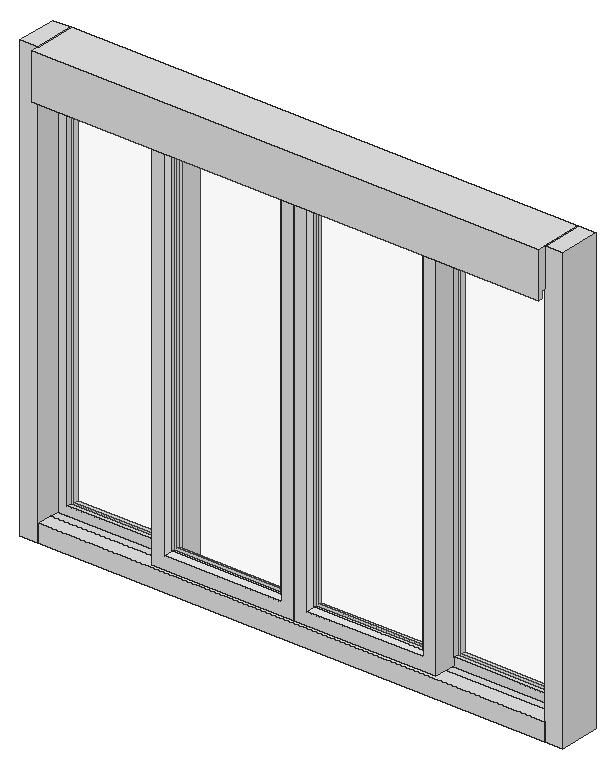
Revit family "Window_Sliding_Flush_Ready-Access_131", category Windows, host Wall, Revit 2026
Family settings
  Host = Wall
  Classification Number = 23.30.20.24.14
  Always vertical = Yes
  Cut with Voids When Loaded = No
  Shared = No
  Room Calculation Point = No
Parameters (values of type "Automatic International 18x37 Serving Area")
  Water Penetration = "as Specified"
  Warranty Duration (Years) = 0
  VLT [instance] = 0
  URL = "http://www.ready-access.com/"
  U-Factor [instance] = 0
  Test Data = ""
  Standards Conformance = "as Specified"
  SpecWizard = ""
  Service Opening Width = 1' - 6"
  Service Opening Height = 3' - 1"
  RO Spacing_Top [instance] = 0' - 0 1/4"
  RO Spacing_Sides [instance] = 0' - 0 1/4"
  RO Spacing_Bottom [instance] = 0' - 0 1/4"
  Offset from Exterior Wall [instance] = 0' - 0"
  Miami Dade Conformance = "as Specified"
  Meets Egress = "as Specified"
  Installation-Fabrication = ""
  Structural Test Pressure = "as Specified"
  Specification = "http://www.arcat.com/sdspecs/htm04/08_56_19rea.htm"
  Sound Transmission Class (STC) = 0
  Send Message = "http://www.arcat.com/users.pl?action=UserEmail&amp;company=Ready+Access+Pass+Thru+Windows&amp;coid=35105&amp;rep=111&amp;fax=630-876-7767&amp;mf=04"
  Sales Information = "http://www.ready-access.com/aboutus.html"
  SHGC [instance] = 0
  Rough Width [instance] = Width + (RO Spacing_Sides * 2)  # 4' - 6"
  Rough Height [instance] = Height + (RO Spacing_Top + RO Spacing_Bottom)  # 3' - 8 1/4"
  Product Properties = ""
  Product Data = "http://www.arcat.com/arcatcos/cos35/arc35105.html"
  Model = "131-6E"
  Manufacturer Website = "http://www.ready-access.com/"
  Manufacturer Phone - Toll Free = "800-621-5045"
  Manufacturer Phone = "630-876-7766"
  Manufacturer Fax = "630-876-7767"
  Manufacturer Address = "1815 Arthur Dr.   West Chicago, IL 60185"
  Manufacturer = "Ready Access"
  Maintenance Schedule (Months) = 0
  Keynote = "08582"
  Installation Phase = ""
  Inset from Exterior Wall [instance] = 0' - 0"
  Height = 3' - 7 3/4"
  Green Building-LEED = ""
  Glazing Type [instance] = "Tempered"
  Glazing Tint [instance] = Glass - ReadyAccess - Clear
  Glazing Configuration [instance] = "as Specified"
  Frame Thickness = 0' - 4"  # constant formula
  Frame Finish [instance] = Powdercoat - Ready Access - Clear Anodized
  Forced Entry Rating = "as Specified"
  Fixed Window Width = 1' - 2 1/2"
  Expected Lifespan (Years) = 0
  Electrical_Voltage = 220 V
  Electrical_Frequency = 60 Hz
  Electrical_Amperage = 8 A
  Drawn By = "Sumex Design, Inc. / Robert S. Weygant, CSI, CDT, SCIP"
  Description = "Ready Access Automatic Bi-Parting Sliding Service Window - 131-6E as Specified"
  Wall Closure = By host
  Width = 4' - 5 1/2"
  Copyright = "©Arcat Inc."
  Construction Details = "http://www.arcat.com/details/readyacc/prod1868.html"
  Assembly Code = "B2020100"
  Air Infiltration = "as Specified"
Types (8): name | Service Opening Height | Rough Height | Model | Height | Electrical_Voltage | Electrical_Frequency | Electrical_Amperage | Description
  Automatic International 18x37 Serving Area | 3' - 1" | 3' - 8 1/4" | "131-6E" | 3' - 7 3/4" | 220 V | 60 Hz | 8 A | "Ready Access Automatic Bi-Parting Sliding Service Window - 131-6E as Specified"
  Automatic International 18x31 Serving Area | 2' - 7" | 3' - 2 1/4" | "131E" | 3' - 1 3/4" | 220 V | 60 Hz | 8 A | "Ready Access Automatic Bi-Parting Sliding Service Window - 131E as Specified"
  Automatic Domestic 18x37 Serving Area | 3' - 1" | 3' - 8 1/4" | "131-6E" | 3' - 7 3/4" | 115 V | 60 Hz | 15 A | "Ready Access Automatic Bi-Parting Sliding Service Window - 131-6E as Specified"
  Automatic Domestic 18x31 Serving Area | 2' - 7" | 3' - 2 1/4" | "131E" | 3' - 1 3/4" | 115 V | 60 Hz | 15 A | "Ready Access Automatic Bi-Parting Sliding Service Window - 131E as Specified"
  Manual Self Closing 18x37 Serving Area | 3' - 1" | 3' - 8 1/4" | "131-6SC" | 3' - 7 3/4" | 0 V | 0 Hz | 0 A | "Ready Access Manual Self Closing Bi-Parting Sliding Service Window - 131-6Sc as Specified"
  Manual Self Closing 18x31 Serving Area | 2' - 7" | 3' - 2 1/4" | "131SC" | 3' - 1 3/4" | 0 V | 0 Hz | 0 A | "Ready Access Manual Self Closing Bi-Parting Sliding Service Window - 131SC as Specified"
  Manual 18x37 Serving Area | 3' - 1" | 3' - 8 1/4" | "131-6M" | 3' - 7 3/4" | 0 V | 0 Hz | 0 A | "Ready Access Manual Bi-Parting Sliding Service Window - 131-6M as Specified"
  Manual 18x31 Serving Area | 2' - 7" | 3' - 2 1/4" | "131M" | 3' - 1 3/4" | 0 V | 0 Hz | 0 A | "Ready Access Manual Bi-Parting Sliding Service Window - 131M as Specified"
Reference planes (in)
  plane 1 "Center (Front/Back)": y = 0.6426
  plane 2: z = 0
  plane 3 "Center (Left/Right)": x = 0.75
  plane 4 "Left": x = -26.25
  plane 5 "Right": x = 27.75
  plane 6 "RO BOTTOM": z = 23.875
  plane 7 "Top of Frame": z = 67.875
  plane 8 "Center - Elevation": z = 45.875
  plane 9 "Frame L": x = 27.5
  plane 10 "Frame R": x = -26
  plane 11: z = 24.125
  plane 12 "EXT WALL": y = 3.6426
  plane 13 "RO TOP": z = 68.125
  plane 14 "INT WALL": y = -2.3574
  plane 15: y = 3.6426
  plane 16: y = 3.6426
Lines and regions (in)
  Opening 1
    outline origin (-60, -2.3574, 0) x (1, 0, 0) y (0, 0, 1)
      loop
        line (33.75, 68.125) -> (33.75, 23.875) -> (87.75, 23.875) -> (87.75, 68.125) -> (33.75, 68.125)
Text (in)
  text "EXTERIOR" at (-9.91918, 45.39257, 0), in view "Plan View"
  text "INTERIOR" at (-9.91918, -57.25054, 0), in view "Plan View"
  text "Exterior" at (0, 43.65631, 123.19604), in view "Left"
  text "Exterior" at (0, 18.29385, 125.04747), in view "Right"
Dimensions and locks (in)
  equal spacing: plane 4 "Left", plane 3 "Center (Left/Right)", plane 5 "Right"
  "Width": plane 10 "Frame R" to plane 9 "Frame L"
  equal spacing: plane 7 "Top of Frame", plane 8 "Center - Elevation", plane 6 "RO BOTTOM"
  "RO Spacing_Sides": plane 5 "Right" to plane 9 "Frame L"
  "RO Spacing_Sides": plane 4 "Left" to plane 10 "Frame R"
  "RO Spacing_Top": plane 7 "Top of Frame" to plane 13 "RO TOP"
  "RO Spacing_Bottom": plane 6 "RO BOTTOM" to plane 11
  "Height": plane 11 to plane 7 "Top of Frame"
  "Offset from Exterior Wall": plane 12 "EXT WALL" to plane 15
  "Inset from Exterior Wall": plane 15 to plane 16
  aligned and locked: plane 6 "RO BOTTOM" to Opening 1 sketch curve  (x2)
  aligned and locked: plane 5 "Right" to Opening 1 sketch curve
  aligned and locked: plane 4 "Left" to Opening 1 sketch curve
  aligned and locked: level to plane 2
  aligned and locked: plane 1 "Center (Front/Back)" to host wall
  aligned and locked: plane 12 "EXT WALL" to host wall
  aligned and locked: Opening 1 sketch curve to plane 13 "RO TOP"
  aligned and locked: plane 14 "INT WALL" to host wall
  aligned and locked: plane 16 to nested 1
Nested families (in)
  nested 1: "Frame_131" at (0.75, 1.6426, 24.125), Width <- "Width", Height <- "Height", Fixed Window Width <- "Fixed Window Width", glass tint <- "Glazing Tint", frame finish <- "Frame Finish", type "Frame_131"
    with glass tint Glass - ReadyAccess - Clear, frame finish Powdercoat - Ready Access - Clear Anodized, Width 4' - 5 1/2", Height 3' - 7 3/4", Fixed Window Width 1' - 2 1/2"
Definition of nested family "Frame_131"
  Parameters
    glass tint [instance] = none
    frame finish [instance] = none
    Width [instance] = 4' - 5 1/2"
    Height [instance] = 3' - 0"
    Fixed Window Width [instance] = 1' - 2 1/2"
    Default Elevation = 4' - 0"
    Assembly Code = ""
  Reference planes (in)
    plane 1 "Center (Front/Back)": y = 0
    plane 2: z = 0
    plane 3 "Center (Left/Right)": x = 0
    plane 4: x = -26.75
    plane 5: x = 26.75
    plane 6: z = 36
    plane 7: x = -12.25
    plane 8: x = 12.25
    plane 9: z = 32.25
    plane 10: x = -25
    plane 11: x = 25
    plane 12: z = 32.125
    plane 13: z = 1.75
    plane 14: z = 31
    plane 15: z = 3
  Forms (in)
    Extrusion 1, solid, material <- "frame finish"
      sketch origin (0, 0, 0) x (1, 0, 0) y (0, 1, 0)
        loop
          line (-26.75, -2) -> (-25, -2) -> (-25, 2) -> (-26.75, 2) -> (-26.75, -2)
        loop
          line (26.75, -2) -> (26.75, 2) -> (25, 2) -> (25, -2) -> (26.75, -2)
      from 0 to 36
    Extrusion 2, solid, material <- "frame finish"
      sketch origin (0, 0, 0) x (1, 0, 0) y (0, 1, 0)
        loop
          line (-13.25, 2) -> (-13.25, 1.8125) -> (-14, 1.8125) -> (-14, 1.3125) -> (-13.25, 1.3125) -> (-13.25, 0.9375) -> (-14, 0.9375) -> (-14, 0.4375) -> (-13.25, 0.4375) -> (-13.25, -0.0625) -> (-12.25, -0.0625) -> (-12.25, 2) -> (-13.25, 2)
        loop
          line (13.25, 2) -> (12.25, 2) -> (12.25, -0.0625) -> (13.25, -0.0625) -> (13.25, 0.4375) -> (14, 0.4375) -> (14, 0.9375) -> (13.25, 0.9375) -> (13.25, 1.3125) -> (14, 1.3125) -> (14, 1.8125) -> (13.25, 1.8125) -> (13.25, 2)
      from 1.4375 to 32.25
    Extrusion 3, solid, material <- "frame finish"
      sketch origin (0, 0, 0) x (1, 0, 0) y (0, 1, 0)
        loop
          line (-25, 1.8125) -> (-25, 0.4375) -> (-24.125, 0.4375) -> (-24.125, 0.9375) -> (-24.875, 0.9375) -> (-24.875, 1.3125) -> (-24.125, 1.3125) -> (-24.125, 1.8125) -> (-25, 1.8125)
        loop
          line (25, 1.8125) -> (24.125, 1.8125) -> (24.125, 1.3125) -> (24.875, 1.3125) -> (24.875, 0.9375) -> (24.125, 0.9375) -> (24.125, 0.4375) -> (25, 0.4375) -> (25, 1.8125)
      from 1.4375 to 32.25
    Sweep 4, solid, material <- "frame finish"
      path origin (0, 0, 0) x (1, 0, 0) y (0, 0, 1)
        loop
          line (-14, 1.75) -> (0, 1.75) -> (0, 32.25) -> (-14, 32.25) -> (-14, 1.75)
      profile origin (-7, 0, 1.75) x (0, 0, 1) y (0, -1, 0)
        loop
          line (0, 1.6875) -> (0, 0.0625) -> (1.25, 0.0625) -> (1.625, 0.4375) -> (1.625, 0.6875) -> (1.25, 0.6875) -> (1.25, 1.0625) -> (1.625, 1.0625) -> (1.625, 1.3125) -> (1.25, 1.6875) -> (0, 1.6875)
    Sweep 5, solid, material <- "frame finish"
      path origin (0, 0, 0) x (-1, 0, 0) y (0, 0, 1)
        loop
          line (-14, 1.75) -> (0, 1.75) -> (0, 32.25) -> (-14, 32.25) -> (-14, 1.75)
      profile origin (7, 0, 1.75) x (0, 0, -1) y (0, -1, 0)
        loop
          line (0, 1.6875) -> (-1.25, 1.6875) -> (-1.625, 1.3125) -> (-1.625, 1.0625) -> (-1.25, 1.0625) -> (-1.25, 0.6875) -> (-1.625, 0.6875) -> (-1.625, 0.4375) -> (-1.25, 0.0625) -> (0, 0.0625) -> (0, 1.6875)
    Extrusion 6, solid, material <- "frame finish"
      sketch origin (-26.75, 13.45358, 48) x (0, 1, 0) y (0, 0, 1)
        loop
          line (-11.64108, -15.75) -> (-13.01608, -15.75) -> (-13.01608, -16.625) -> (-12.51608, -16.625) -> (-12.51608, -15.875) -> (-12.14108, -15.875) -> (-12.14108, -16.625) -> (-11.64108, -16.625) -> (-11.64108, -15.75)
      from 1.75 to 14.5
    Extrusion 7, solid, material <- "frame finish"
      sketch origin (26.75, 13.45358, 48) x (0, 1, 0) y (0, 0, 1)
        loop
          line (-11.64108, -15.75) -> (-13.01608, -15.75) -> (-13.01608, -16.625) -> (-12.51608, -16.625) -> (-12.51608, -15.875) -> (-12.14108, -15.875) -> (-12.14108, -16.625) -> (-11.64108, -16.625) -> (-11.64108, -15.75)
      from -14.5 to -1.75
    Extrusion 8, solid, material <- "frame finish"
      sketch origin (0, 0, 0) x (0, 1, 0) y (0, 0, 1)
        loop
          line (-2, 0) -> (2, 0) -> (2, 1.4375) -> (-0.54511, 1.75) -> (-2, 1.75) -> (-2, 0)
      from -25 to 25
    Extrusion 9, solid, material <- "frame finish"
      sketch origin (25, 0, 24) x (0, -1, 0) y (0, 0, 1)
        loop
          line (-0.4375, -22.37065) -> (-0.4375, -21.48908) -> (-0.9375, -21.55047) -> (-0.9375, -22.3061) -> (-1.3125, -22.35215) -> (-1.3125, -21.59651) -> (-1.8125, -21.65791) -> (-1.8125, -22.53948) -> (-0.4375, -22.37065)
      from 0 to 12.75
    Extrusion 10, solid, material <- "frame finish"
      sketch origin (25, 0, 24) x (0, -1, 0) y (0, 0, 1)
        loop
          line (-0.4375, -22.37065) -> (-0.4375, -21.48908) -> (-0.9375, -21.55047) -> (-0.9375, -22.3061) -> (-1.3125, -22.35215) -> (-1.3125, -21.59651) -> (-1.8125, -21.65791) -> (-1.8125, -22.53948) -> (-0.4375, -22.37065)
      from 37.25 to 50
    Extrusion 11, solid, material <- "frame finish"
      sketch origin (0, 0, 0) x (1, 0, 0) y (0, 1, 0)
        loop
          line (-14, 0.4375) -> (-14, -0.0625) -> (-13.25, -0.0625) -> (-13.25, 0.4375) -> (-14, 0.4375)
      from 1.75 to 32.25
    Extrusion 12, solid, material <- "frame finish"
      sketch origin (0, 0, 0) x (-1, 0, 0) y (0, -1, 0)
        loop
          line (-14, -0.4375) -> (-13.25, -0.4375) -> (-13.25, 0.0625) -> (-14, 0.0625) -> (-14, -0.4375)
      from 1.75 to 32.25
    Extrusion 13, solid, material <- "frame finish"
      sketch origin (0, 0, 0) x (0, 1, 0) y (0, 0, 1)
        loop
          line (2, 32.25) -> (2, 36) -> (-2.8125, 36) -> (-2.8125, 31.5) -> (-2.4375, 31.5) -> (-2.4375, 32.25) -> (2, 32.25)
      from -25 to 25
    Extrusion 14, solid, material <- "glass tint"
      sketch origin (0, 0, 0) x (1, 0, 0) y (0, 1, 0)
        loop
          line (-24.875, 1.3125) -> (-24.875, 0.9375) -> (-13.25, 0.9375) -> (-13.25, 1.3125) -> (-24.875, 1.3125)
        loop
          line (13.25, 1.3125) -> (13.25, 0.9375) -> (24.875, 0.9375) -> (24.875, 1.3125) -> (13.25, 1.3125)
      from 1.75 to 32.125
    Extrusion 15, solid, material <- "glass tint"
      sketch origin (0, 0, 0) x (1, 0, 0) y (0, 1, 0)
        loop
          line (-12.75, -0.6875) -> (-12.75, -1.0625) -> (-1.25, -1.0625) -> (-1.25, -0.6875) -> (-12.75, -0.6875)
        loop
          line (1.25, -0.6875) -> (1.25, -1.0625) -> (12.75, -1.0625) -> (12.75, -0.6875) -> (1.25, -0.6875)
      from 3 to 31
  Cuts and joins
    joined: Extrusion 2, Extrusion 3, Extrusion 6, Extrusion 7, Extrusion 9, Extrusion 10
    joined: Sweep 4, Extrusion 11
    joined: Sweep 5, Extrusion 12
  Dimensions and locks (in)
    equal spacing: plane 4, plane 3 "Center (Left/Right)", plane 5
    "Width": plane 4 to plane 5
    "Height": plane 6 to level
    locked: plane 4 to Extrusion 1 sketch curve at 1.75
    locked: Extrusion 1 sketch curve to plane 5 at 1.75
    "Fixed Window Width": plane 4 to plane 7
    "Fixed Window Width": plane 8 to plane 5
    Extrusion 2 sketch curve to Extrusion 2 sketch curve to plane 7 = 0' - 0 3/4" locked, 0' - 1" locked  (x2)
    locked: Extrusion 2 sketch curve to plane 7 at 1
    plane 8 to Extrusion 2 sketch curve to Extrusion 2 sketch curve = 0' - 1" locked, 0' - 0 3/4" locked  (x2)
    locked: plane 8 to Extrusion 2 sketch curve at 1
    plane 4 to Extrusion 3 sketch curve to Extrusion 3 sketch curve = 0' - 1 3/4" locked, 0' - 0 7/8" locked
    plane 4 to Extrusion 3 sketch curve to Extrusion 3 sketch curve = 0' - 1 7/8" locked, 0' - 0 3/4" locked
    Extrusion 3 sketch curve to Extrusion 3 sketch curve to plane 5 = 0' - 0 7/8" locked, 0' - 1 3/4" locked
    Extrusion 3 sketch curve to Extrusion 3 sketch curve to plane 5 = 0' - 0 3/4" locked, 0' - 1 7/8" locked
    locked: plane 7 to Sweep 4 sketch curve at 1.75
    locked: plane 6 to Sweep 4 sketch curve at 3.75
    locked: Sweep 4 sketch curve to level at 1.75
    locked: plane 6 to Sweep 5 sketch curve at 3.75
    locked: plane 8 to Sweep 5 sketch curve at 1.75
    locked: Sweep 5 sketch curve to level at 1.75
    locked: plane 6 to plane 9 at 3.75
    Extrusion 6 sketch curve to Extrusion 6 sketch curve to plane 9 = 0' - 0 3/4" locked, 0' - 0 1/8" locked
    Extrusion 6 sketch curve to plane 9 to Extrusion 6 sketch curve = 0' - 0 7/8" locked, 0' - 0" locked
    Extrusion 7 sketch curve to Extrusion 7 sketch curve to plane 9 = 0' - 0 3/4" locked, 0' - 0 1/8" locked
    Extrusion 7 sketch curve to plane 9 to Extrusion 7 sketch curve = 0' - 0 7/8" locked, 0' - 0" locked
    locked: plane 4 to plane 10 at 1.75
    locked: plane 11 to plane 5 at 1.75
    Extrusion 11 sketch curve to Extrusion 11 sketch curve to plane 7 = 0' - 0 3/4" locked, 0' - 1" locked
    locked: Extrusion 12 sketch curve to Extrusion 12 sketch curve at 0.75
    locked: plane 8 to Extrusion 12 sketch curve at 1
    locked: Extrusion 13 sketch curve to plane 9 at 0.75
    locked: Extrusion 14 sketch curve to plane 11 at 0.125
    locked: plane 8 to Extrusion 14 sketch curve at 1
    locked: Extrusion 14 sketch curve to plane 7 at 1
    locked: plane 10 to Extrusion 14 sketch curve at 0.125
    locked: plane 12 to plane 9 at 0.125
    locked: plane 13 to level at 1.75
    locked: plane 14 to plane 9 at 1.25
    locked: plane 15 to level at 3
    locked: plane 8 to Extrusion 15 sketch curve at 0.5
    locked: Extrusion 15 sketch curve to plane 7 at 0.5
    locked: Extrusion 15 sketch curve to plane 3 "Center (Left/Right)" at 1.25
    locked: plane 3 "Center (Left/Right)" to Extrusion 15 sketch curve at 1.25
    aligned and locked: plane 2 to level
    aligned and locked: plane 4 to Extrusion 1 sketch curve
    aligned and locked: plane 5 to Extrusion 1 sketch curve
    aligned and locked: plane 3 "Center (Left/Right)" to Sweep 4 sketch curve
    aligned and locked: plane 3 "Center (Left/Right)" to Sweep 5 sketch curve
    aligned and locked: Extrusion 2 to plane 9
    aligned and locked: Extrusion 3 to plane 9
    aligned and locked: plane 6 to Extrusion 1
    aligned and locked: plane 7 to Extrusion 6
    aligned and locked: plane 8 to Extrusion 7
    aligned: plane 5 to Extrusion 8
    aligned: Extrusion 8 to plane 4
    aligned and locked: plane 10 to Extrusion 8
    aligned and locked: Extrusion 8 to plane 11
    aligned: plane 8 to Extrusion 9
    aligned and locked: Extrusion 9 to plane 11
    aligned and locked: plane 8 to cut or joined group of Extrusion 2, Extrusion 3, Extrusion 6, Extrusion 7, Extrusion 9, Extrusion 10
    aligned and locked: plane 10 to Extrusion 10
    aligned and locked: plane 7 to Extrusion 10
    aligned and locked: Extrusion 11 to plane 9
    aligned and locked: Extrusion 12 to plane 9
    aligned and locked: Extrusion 13 to plane 11
    aligned and locked: plane 10 to Extrusion 13
    aligned and locked: plane 13 to Extrusion 14
    aligned and locked: plane 15 to Extrusion 15
    aligned and locked: Extrusion 15 to plane 14
    aligned and locked: plane 12 to Extrusion 14
  Automatic sketch dimensions
    plane 1 "Center (Front/Back)" to Extrusion 1 sketch curve = 0' - 2"  (x2)
    Extrusion 1 sketch curve to plane 1 "Center (Front/Back)" = 0' - 2"  (x2)
    Extrusion 2 sketch curve to plane 7 = 0' - 0"
    Extrusion 2 sketch curve to plane 8 = 0' - 0"
    plane 1 "Center (Front/Back)" to Extrusion 2 sketch curve = 0' - 0 1/16"  (x2)
    Extrusion 2 sketch curve to plane 1 "Center (Front/Back)" = 0' - 0 7/16"  (x2)
    Extrusion 2 sketch curve to Extrusion 2 sketch curve = 0' - 0 1/2"  (x4)
    Extrusion 2 sketch curve to Extrusion 2 sketch curve = 0' - 0 3/8"  (x2)
    Extrusion 2 sketch curve to Extrusion 2 sketch curve = 0' - 0 3/16"  (x2)
    Extrusion 3 sketch curve to plane 1 "Center (Front/Back)" = 0' - 0 7/16"  (x2)
    Extrusion 3 sketch curve to Extrusion 3 sketch curve = 0' - 0 1/2"  (x4)
    Extrusion 3 sketch curve to Extrusion 3 sketch curve = 0' - 0 3/8"  (x2)
    profile plane to Sweep 4 sketch curve = 0' - 0"
    Sweep 4 sketch curve to Sweep 4 sketch curve = 0' - 1 1/4"  (x2)
    plane 1 "Center (Front/Back)" to Sweep 4 sketch curve = 0' - 0 1/16"
    Sweep 4 sketch curve to Sweep 4 sketch curve = 0' - 0"  (x2)
    Sweep 4 sketch curve to Sweep 4 sketch curve = 0' - 0 3/8"  (x2)
    plane 1 "Center (Front/Back)" to Sweep 4 sketch curve = 0' - 0 7/16"
    Sweep 4 sketch curve to Sweep 4 sketch curve = 0' - 0 1/4"  (x2)
    Sweep 4 sketch curve to Sweep 4 sketch curve = 0' - 0 5/8"
    Sweep 5 sketch curve to profile plane = 0' - 0"
    profile plane to Sweep 5 sketch curve = 0' - 1 1/4"
    Sweep 5 sketch curve to Sweep 5 sketch curve = 0' - 0"  (x3)
    plane 1 "Center (Front/Back)" to Sweep 5 sketch curve = 0' - 0 1/16"
    Sweep 5 sketch curve to Sweep 5 sketch curve = 0' - 0 3/8"  (x2)
    plane 1 "Center (Front/Back)" to Sweep 5 sketch curve = 0' - 0 7/16"
    Sweep 5 sketch curve to Sweep 5 sketch curve = 0' - 0 1/4"  (x2)
    Sweep 5 sketch curve to Sweep 5 sketch curve = 0' - 0 5/8"
    Extrusion 6 sketch curve to plane 1 "Center (Front/Back)" = 0' - 0 7/16"
    Extrusion 6 sketch curve to Extrusion 6 sketch curve = 0' - 0 1/2"  (x2)
    Extrusion 6 sketch curve to Extrusion 6 sketch curve = 0' - 0 3/8"
    Extrusion 7 sketch curve to plane 1 "Center (Front/Back)" = 0' - 0 7/16"
    Extrusion 7 sketch curve to Extrusion 7 sketch curve = 0' - 0 1/2"  (x2)
    Extrusion 7 sketch curve to Extrusion 7 sketch curve = 0' - 0 3/8"
    Extrusion 8 sketch curve to level = 0' - 0"
    plane 1 "Center (Front/Back)" to Extrusion 8 sketch curve = 0' - 2"
    plane 1 "Center (Front/Back)" to Extrusion 8 sketch curve = 0' - 0.54511"
    Extrusion 8 sketch curve to plane 1 "Center (Front/Back)" = 0' - 2"
    level to Extrusion 8 sketch curve = 0' - 1 7/16"
    level to Extrusion 8 sketch curve = 0' - 1 3/4"
    Extrusion 9 sketch curve to plane 1 "Center (Front/Back)" = 0' - 1 13/16"
    Extrusion 9 sketch curve to Extrusion 9 sketch curve = 0' - 0 1/2"
    Extrusion 9 sketch curve to Extrusion 9 sketch curve = 0' - 0 3/8"
    Extrusion 9 sketch curve to plane 1 "Center (Front/Back)" = 0' - 0 7/16"
    level to Extrusion 9 sketch curve = 0' - 1.46052"
    Extrusion 9 sketch curve to Extrusion 9 sketch curve = 0' - 0.16883"
    Extrusion 9 sketch curve to Extrusion 9 sketch curve = 0' - 0.18733"
    Extrusion 9 sketch curve to Extrusion 9 sketch curve = 0' - 0.04604"  (x2)
    Extrusion 9 sketch curve to Extrusion 9 sketch curve = 0' - 0.69424"
    Extrusion 9 sketch curve to Extrusion 9 sketch curve = 0' - 0.06139"  (x2)
    Extrusion 10 sketch curve to plane 1 "Center (Front/Back)" = 0' - 1 13/16"
    Extrusion 10 sketch curve to Extrusion 10 sketch curve = 0' - 0 1/2"
    Extrusion 10 sketch curve to Extrusion 10 sketch curve = 0' - 0 3/8"
    Extrusion 10 sketch curve to plane 1 "Center (Front/Back)" = 0' - 0 7/16"
    level to Extrusion 10 sketch curve = 0' - 1.46052"
    Extrusion 10 sketch curve to Extrusion 10 sketch curve = 0' - 0.16883"
    Extrusion 10 sketch curve to Extrusion 10 sketch curve = 0' - 0.18733"
    Extrusion 10 sketch curve to Extrusion 10 sketch curve = 0' - 0.04604"  (x2)
    Extrusion 10 sketch curve to Extrusion 10 sketch curve = 0' - 0.69424"
    Extrusion 10 sketch curve to Extrusion 10 sketch curve = 0' - 0.06139"  (x2)
    plane 1 "Center (Front/Back)" to Extrusion 11 sketch curve = 0' - 0 1/16"
    Extrusion 11 sketch curve to plane 1 "Center (Front/Back)" = 0' - 0 7/16"
    Extrusion 12 sketch curve to plane 1 "Center (Front/Back)" = 0' - 0 1/16"
    plane 1 "Center (Front/Back)" to Extrusion 12 sketch curve = 0' - 0 7/16"
    Extrusion 13 sketch curve to plane 6 = 0' - 0"
    plane 9 to Extrusion 13 sketch curve = 0' - 0"
    plane 1 "Center (Front/Back)" to Extrusion 13 sketch curve = 0' - 2 13/16"
    Extrusion 13 sketch curve to Extrusion 13 sketch curve = 0' - 0 3/8"
    Extrusion 13 sketch curve to plane 1 "Center (Front/Back)" = 0' - 2"
    Extrusion 14 sketch curve to plane 1 "Center (Front/Back)" = 0' - 0 15/16"  (x2)
    Extrusion 14 sketch curve to Extrusion 14 sketch curve = 0' - 0 3/8"  (x2)
    plane 1 "Center (Front/Back)" to Extrusion 15 sketch curve = 0' - 1 1/16"  (x2)
    Extrusion 15 sketch curve to Extrusion 15 sketch curve = 0' - 0 3/8"  (x2)
